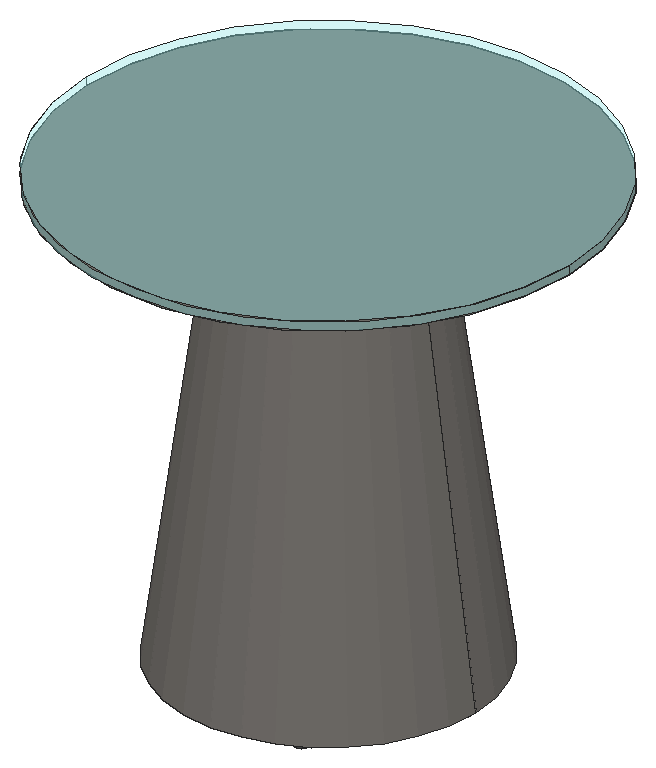
Revit family "revitupgrade", category Furniture, Revit 2020
Family settings
  Work Plane-Based = No
  Always vertical = Yes
  Cut with Voids When Loaded = No
  Shared = No
  Room Calculation Point = No
Parameters (values of type "with Glass")
  URL = "https://www.steelcase.com"
  Top = Steelcase Turnstone - Campfire - Paper Table - Top : Glass Top
  Symbol Name = "TS4TPTA3"
  Style Number(s) = "TS4TPT"
  Release Date = "April 2018"  # constant formula
  Product Line = "Turnstone"  # constant formula
  Product = "Campfire"  # constant formula
  Opaque [instance] = yes
  Manufacturer = "Steelcase"  # constant formula
  Draw in Foreground [instance] = yes
  Description = ""
  Default Elevation = 0.00"
  Copyright = "© 2010 Steelcase Inc."  # constant formula
  Base [instance] = Steelcase - 2536 Blackwood
  AutoCAD Tag = "25"
  Authoring Version = "Revit 2016"  # constant formula
  Assembly Code = "E2020200"
Types (2): name | Top | Symbol Name
  with Paper | Steelcase Turnstone - Campfire - Paper Table - Top : Paper Top | "TS4TPT"
  with Glass | Steelcase Turnstone - Campfire - Paper Table - Top : Glass Top | "TS4TPTA3"
Reference planes (in)
  plane 1 "Center Front/Back": y = 0
  plane 2 "Bottom": z = 0
  plane 3 "Center Left/Right": x = 0
Forms (in)
  Blend 1, solid, material "Steelcase - 2536 Blackwood" <- "Base"
    base sketch origin (0, 0, 0) x (1, 0, 0) y (0, 1, 0)
      loop
        circle (0, 0) r 7.532
    top sketch origin (0, 0, 0) x (1, 0, 0) y (0, 1, 0)
      loop
        circle (0, 0) r 5
    from 0.219 to 18.473
  Blend 2, solid, material "Steelcase - 2536 Blackwood" <- "Base"
    base sketch origin (0, 0, 0) x (1, 0, 0) y (0, 1, 0)
      loop
        circle (0, 0) r 5
    top sketch origin (0, 0, 0) x (1, 0, 0) y (0, 1, 0)
      loop
        circle (0, 0) r 12.3395
    from 18.473 to 22.01264
  Extrusion 3, solid, material "Steelcase - 6205 Black"
    sketch origin (0, 0, 0) x (1, 0, 0) y (0, 1, 0)
      loop
        circle (-3.45, 5.976) r 0.375
      loop
        circle (3.45, 5.976) r 0.375
      loop
        circle (6.9, 0) r 0.375
      loop
        circle (3.45, -5.97515) r 0.375
      loop
        circle (-3.45, -5.97515) r 0.375
      loop
        circle (-6.9, 0) r 0.375
    from 0 to 0.219
Lines and regions (in)
  Masking region 1, visible <- "Opaque"
    outline origin (50, 0, 0) x (1, 0, 0) y (0, 1, 0)
      loop
        circle (-50, 0) r 12.3395
  symbolic lines, style "Steelcase Furniture", built-in parameter 1006206 <- "Draw in Foreground"
    curve 1: circle (0, 0, 0) r 12.3395 normal (0, 0, 1)
  symbolic lines, style "Steelcase Hidden Lines", built-in parameter 1006206 <- "Draw in Foreground", detail levels medium+fine
    curve 2: circle (0, 0, 0) r 7.532 normal (0, 0, 1)
    curve 3: circle (3.45, 5.976, 0) r 0.375 normal (0, 0, 1)
    curve 4: circle (-3.45, 5.976, 0) r 0.375 normal (0, 0, 1)
    curve 5: circle (-6.9, 0, 0) r 0.375 normal (0, 0, 1)
    curve 6: circle (-3.45, -5.97515, 0) r 0.375 normal (0, 0, 1)
    curve 7: circle (3.45, -5.97515, 0) r 0.375 normal (0, 0, 1)
    curve 8: circle (6.9, 0, 0) r 0.375 normal (0, 0, 1)
Dimensions and locks (in)
  aligned and locked: level to plane 2 "Bottom"
Nested families (in)
  nested 1: "Steelcase Turnstone - Campfire - Paper Table - Top" at (0, 0, 0), type <- "Top", type "Glass Top"
    with Opaque yes
Definition of nested family "Steelcase Turnstone - Campfire - Paper Table - Top"
  Parameters (values of type "Glass Top")
    URL = "https://www.steeelcase.com"
    Top Paper = no
    Top Glass = yes
    Top = none
    Symbol Name = "TS4PTG"
    Style Number(s) = "TS4TPTG"
    Release Date = "April 2018"  # constant formula
    Product Line = "Turnstone"  # constant formula
    Product = "Campfire"  # constant formula
    Opaque [instance] = yes
    Manufacturer = "Steelcase"  # constant formula
    Description = ""
    Default Elevation = 0.00"
    Copyright = "© 2010 Steelcase Inc."  # constant formula
    AutoCAD Tag = "25"
    Authoring Version = "Revit 2016"  # constant formula
    Assembly Code = "E2020200"
  Types (2): name | URL | Top Paper | Top Glass | Symbol Name | Style Number(s)
    Paper Top | "https://www.steelcase.com" | yes | no | "TS4PTP" | "TS4TPTP"
    Glass Top | "https://www.steeelcase.com" | no | yes | "TS4PTG" | "TS4TPTG"
  Reference planes (in)
    plane 1 "Center Front/Back": y = 0
    plane 2 "Bottom": z = 0
    plane 3 "Center Left/Right": x = 0
  Forms (in)
    Extrusion 1, solid, material <- "Top", visible <- "Top Glass"
      sketch origin (0, 0, 0) x (1, 0, 0) y (0, 1, 0)
        loop
          circle (0, 0) r 12.3395
      from 22.01264 to 22.429
    Extrusion 2, solid, material <- "Top", visible <- "Top Paper"
      sketch origin (0, 0, 0) x (1, 0, 0) y (0, 1, 0)
        loop
          circle (0, 0) r 12.3395
      from 22.01264 to 22.429
  Lines and regions (in)
    Masking region 1, visible <- "Opaque"
      outline origin (50, 0, 0) x (1, 0, 0) y (0, 1, 0)
        loop
          circle (-50, 0) r 12.3395
    symbolic lines
      curve 1: circle (0, 0, 0) r 12.3395 normal (0, 0, 1)
  Dimensions and locks (in)
    aligned and locked: level to plane 2 "Bottom"
